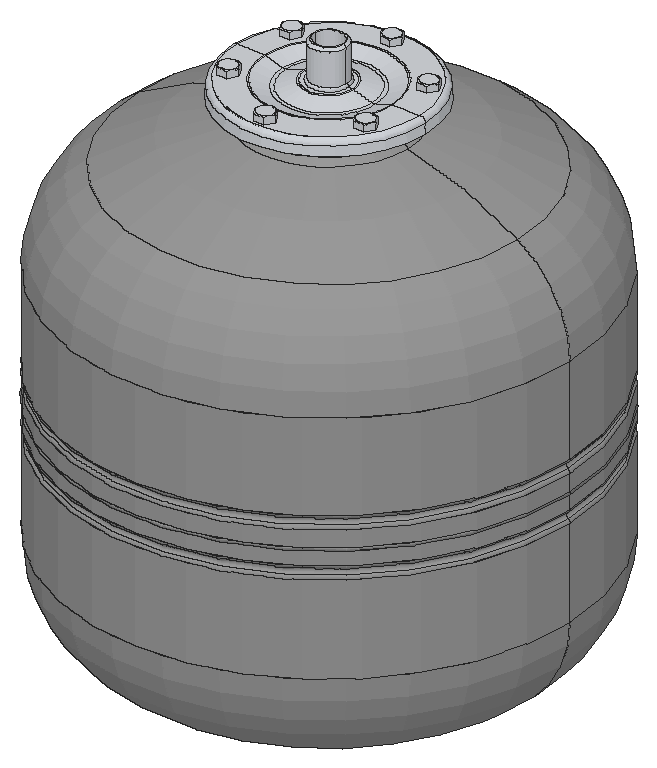
Revit family "WRV 35", category Оборудование, Revit 2014
Parameters
  Описание = "Мембранный бак для отопления V=35л, Py=5бар, 3/4\""
  Материал крышки = Черная резина
  Материал = Красная краска
  Масса кг = "5.95"
  Крышка [instance] = yes
  Комментарии к типоразмеру = "WRV 35"
  Изготовитель = "WESTER"  # constant formula
  URL = "http://www.wester.su/"
Reference planes
  plane 1 "По центру (Вперед/Назад)": y = 0
  plane 2: z = 0
  plane 3 "По центру (Влево/Вправо)": x = 0
Forms (mm)
  Revolve 1, solid, material "Красная краска" <- "Материал"
    sketch origin (-161.5, 0, 141.055) x (0, 0, -1) y (1, 0, 0)
      loop
        line (26.628, 344.004) -> (-40.712, 344.004)
        arc (-40.712, 344.004) -> (-42.194, 343.606) -> (-43.28, 342.521) r 2.965
        arc (-43.28, 342.521) -> (-45.441, 341.273) -> (-47.602, 342.521) r 2.495
        arc (-47.602, 342.521) -> (-48.701, 343.607) -> (-50.194, 344.004) r 3.007
        line (-50.194, 344.004) -> (-60.315, 344.004)
        arc (-60.315, 344.004) -> (-61.381, 344.338) -> (-62.448, 344.004) r 1.869
        line (-62.448, 344.004) -> (-74.702, 344.004)
        arc (-74.702, 344.004) -> (-76.195, 343.607) -> (-77.294, 342.521) r 3.007
        arc (-77.294, 342.521) -> (-79.455, 341.273) -> (-81.616, 342.521) r 2.495
        arc (-81.616, 342.521) -> (-82.701, 343.606) -> (-84.184, 344.004) r 2.965
        line (-84.184, 344.004) -> (-150.529, 344.004)
        arc (-150.529, 344.004) -> (-190.143, 333.573) -> (-219.484, 304.985) r 80.44
        arc (-219.484, 304.985) -> (-239.398, 264.627) -> (-252.409, 221.545) r 272.899
        line (-252.409, 221.545) -> (-264.945, 209.009) -> (-264.945, 161.5) -> (124.057, 161.5) -> (124.057, 168.355)
        arc (124.057, 168.355) -> (124.128, 168.929) -> (124.385, 169.448) r 1.727
        line (124.385, 169.448) -> (133.11, 181.457)
        arc (133.11, 181.457) -> (134.011, 183.628) -> (133.832, 185.971) r 5.05
        arc (133.832, 185.971) -> (121.593, 247.772) -> (95.5, 305.116) r 272.734
        arc (95.5, 305.116) -> (66.174, 333.61) -> (26.628, 344.004) r 80.432
      axis (-264.945, 161.5) -> (133.832, 161.5)
    angle from 0 to 360
  Revolve 2, solid
    sketch origin (0, 0, 139.441) x (1, 0, 0) y (0, 0, 1)
      loop
        line (0, 266.559) -> (69.996, 266.559) -> (69.996, 268.559) -> (73.753, 268.559) -> (73.151, 275.443)
        arc (73.151, 275.443) -> (71.956, 278.131) -> (69.36, 279.516) r 4.524
        line (69.36, 279.516) -> (48.486, 279.516)
        arc (48.486, 279.516) -> (47.948, 279.469) -> (47.425, 279.329) r 3.112
        line (47.425, 279.329) -> (35.297, 275.272)
        arc (35.297, 275.272) -> (34.006, 275.061) -> (32.715, 275.272) r 4.069
        line (32.715, 275.272) -> (19.199, 279.345)
        arc (19.199, 279.345) -> (18.626, 279.473) -> (18.041, 279.516) r 4.016
        line (18.041, 279.516) -> (14.537, 279.516)
        arc (14.537, 279.516) -> (14.223, 280.763) -> (13.211, 281.557) r 1.989
        line (13.211, 281.557) -> (13.211, 305.56) -> (11.217, 307.555) -> (10.417, 307.555) -> (10.417, 279.516) -> (0, 279.516) -> (0, 266.559)
      axis (0, 307.555) -> (0, 266.559)
    angle from 0 to 360
  Revolve 3, solid
    sketch origin (0, 0, 0) x (1, 0, 0) y (0, 0, 1)
      loop
        line (3.985, 0.988) -> (3.985, 12.5) -> (6.063, 12.5) -> (6.063, 16.998) -> (0, 16.998) -> (0, 3.846) -> (1.586, 3.846) -> (2.15, 3.283) -> (2.15, 0) -> (2.997, 0) -> (3.985, 0.988)
      axis (0, 16.998) -> (0, 0)
    angle from 0 to 360
  Revolve 4, solid, material "Черная резина" <- "Материал крышки", visible <- "Крышка"
    sketch origin (0, 0, 0) x (1, 0, 0) y (0, 0, 1)
      loop
        line (0, 16.998) -> (-6.855, 16.998) -> (-22.393, 6.118) -> (-15.273, -1.003) -> (0, -1.003) -> (0, 16.998)
      axis (0, 16.998) -> (0, -1.003)
    angle from 0 to 360
Dimensions and locks
  aligned and locked: level to plane 2
Nested families
  nested 1: "Болт" at (0, -59.993, 419), type "Болт"
  nested 2: "Болт" at (-51.958, -30, 419), type "Болт"
  nested 3: "Болт" at (-51.962, 29.993, 419), type "Болт"
  nested 4: "Болт" at (0, 59.993, 419), type "Болт"
  nested 5: "Болт" at (51.95, 30, 419), type "Болт"
  nested 6: "Болт" at (51.954, -29.993, 419), type "Болт"
Connectors
  piping at (0, 0, 446.996), diameter 20
    settings: on Revolve 2, index 1, connector inside diameter 609.6 mm, connector length 0 mm, flow factor 0, pipe flow 0.0 L/s, pressure drop 0.0 Pa, fitting loss kfactor 0, connector angle 0.00°, fixture units 0, engagement length 0 mm, angle of deflection 0.00°, flow configuration 1, flow direction 1, fitting loss method 0, system type 29, joint type 0, gender type 0, connector reference index -1, connector utility 0, adjustable connector no, is connector primary yes, connector description ""
Definition of nested family "Болт"
  Parameters (values of type "Болт")
    Default Elevation = 1219.2 mm
  Reference planes
    plane 1 "По центру (Вперед/Назад)": y = 0
    plane 2: z = 0
    plane 3 "По центру (Влево/Вправо)": x = 0
  Forms (mm)
    Extrusion 1, solid
      sketch origin (0, 0, 0) x (1, 0, 0) y (0, 1, 0)
        loop
          line (-1219.2, 1219.2) -> (-1219.2, -1219.2) -> (1219.2, -1219.2) -> (1219.2, 1219.2) -> (-1219.2, 1219.2)
      from 0 to -304.8
    Extrusion 2, solid, detail levels medium+fine
      sketch origin (0, 0, 0) x (0, 1, 0) y (-1, 0, 0)
        loop
          line (-6.5, -3.753) -> (0, -7.506) -> (6.5, -3.753) -> (6.5, 3.753) -> (0, 7.506) -> (-6.5, 3.753) -> (-6.5, -3.753)
      from 0 to 5.3
    Extrusion 3, solid, detail levels medium+fine
      sketch origin (0, 0, 0) x (1, 0, 0) y (0, 1, 0)
        loop
          circle (0, 0) r 4
      from -14 to 0
    Revolve 4, void
      sketch origin (0, 0, 0) x (1, 0, 0) y (0, 0, 1)
        loop
          line (-7.506, 4.447) -> (-6.413, 5.3) -> (-7.506, 5.3) -> (-7.506, 4.447)
        axis (0, 5.3) -> (0, 4.3)
      angle from 0 to 360
    Revolve 5, void
      sketch origin (0, 0, 0) x (1, 0, 0) y (0, 0, 1)
        loop
          line (-4, -14) -> (-2.365, -14) -> (-4, -12.365) -> (-4, -14)
        axis (0, -12.365) -> (0, -14)
      angle from 0 to 360
  Cuts and joins
    Revolve 4 cuts Extrusion 2
    Revolve 5 cuts Extrusion 3
    joined: Extrusion 2, Extrusion 3
  Dimensions and locks
    aligned and locked: plane 2 to Extrusion 1
    aligned and locked: level to Extrusion 1
    aligned and locked: Revolve 4 sketch curve to plane 3 "По центру (Влево/Вправо)"
    aligned and locked: cut or joined group of Extrusion 2, Extrusion 3, Revolve 4, Revolve 5 to Revolve 4 sketch curve
